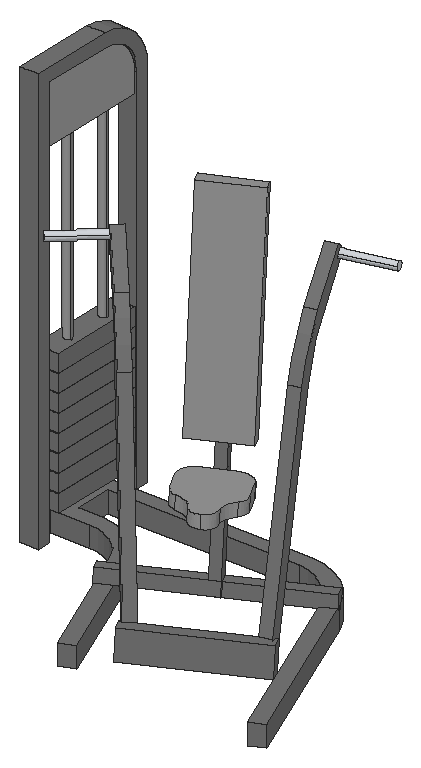
Revit family "Тренажер Жим от груди", category Оборудование, Revit 2017
Family settings
  Размер круглого соединителя = Использовать диаметр
  Тип детали = Нормальный
  На основе рабочей плоскости = Нет
  Всегда вертикально = Да
  При загрузке вырезать с полостями = Нет
  Общий = Нет
  Точка расчета площади = Нет
Parameters (values of type "1450х1040х1630")
  Ширина = 1450.0 mm
  Примечание = ""
  Позиция = ""
  Обозначение = "HS-CP"
  Наименование = "Тренажер Жим от груди"
  Масса = "255"
  Код оборудования = ""
  Keynote = ""
  Изготовитель = "Severin"
  Завод = "LifeFitness"
  Единицы = "шт."
  Model = ""
  Глубина = 1040.0 mm
  Высота = 1630.0 mm
Reference planes
  plane 1 "По центру (Вперед/Назад)": y = 0
  plane 2: z = 0
  plane 3 "По центру (Влево/Вправо)": x = 0
  plane 4: x = -725
  plane 5: x = 725
  plane 6: y = 520
  plane 7: y = -520
  plane 8: z = 1630
  plane 9: z = 0
Forms (mm)
  Sweep 1, solid, material "Сталь, окрашенная, темно-серая, матовая", detail levels coarse+fine
    path origin (0, 0, 0) x (1, 0, 0) y (0, 1, 0)
      loop
        line (631.188, -520) -> (347.985, 180.953)
        arc (347.985, 180.953) -> (247.12, 305.334) -> (96.601, 360) r 299.618
        line (96.601, 360) -> (-695, 360) -> (-695, 100) -> (-546.159, 100)
        arc (-546.159, 100) -> (-447.475, 70.158) -> (-377.393, -5.457) r 196.926
        line (-377.393, -5.457) -> (-169.504, -520)
    profile origin (-620.58, 100, 0) x (0, 1, 0) y (0, 0, 1)
      loop
        line (0, 0) -> (60, 0) -> (60, 80) -> (0, 80) -> (0, 0)
  Sweep 2, solid, material "Сталь, окрашенная, темно-серая, матовая", detail levels coarse+fine
    path origin (0, 0, 0) x (0, 1, 0) y (0, 0, 1)
      loop
        line (520, 0) -> (520, 1430)
        arc (520, 1430) -> (461.421, 1571.421) -> (320, 1630) r 200
        line (320, 1630) -> (0, 1630) -> (0, 0)
    profile origin (0, 520, 715) x (0, -1, 0) y (1, 0, 0)
      loop
        line (0, -730) -> (50, -730) -> (50, -660) -> (0, -660) -> (0, -730)
  Extrusion 3, solid, material "Сталь, хромированная", detail levels fine
    sketch origin (0, 0, 0) x (1, 0, 0) y (0, 1, 0)
      loop
        circle (-690, 345) r 15
      loop
        circle (-690, 175) r 15
    from 80 to 1350
  Extrusion 4, solid, material "Сталь, окрашенная, темно-серая, матовая", detail levels fine
    sketch origin (0, 0, 0) x (1, 0, 0) y (0, 1, 0)
      loop
        line (-735, 440) -> (-735, 80) -> (-645, 80) -> (-645, 440) -> (-735, 440)
    from 160.953 to 94.412
  Extrusion 5, solid, material "Сталь, окрашенная, темно-серая, матовая", detail levels fine
    sketch origin (0, 0, 68.75) x (1, 0, 0) y (0, 1, 0)
      loop
        line (-735, 440) -> (-735, 80) -> (-645, 80) -> (-645, 440) -> (-735, 440)
    from 160.953 to 94.412
  Extrusion 6, solid, material "Сталь, окрашенная, темно-серая, матовая", detail levels fine
    sketch origin (0, 0, 137.5) x (1, 0, 0) y (0, 1, 0)
      loop
        line (-735, 440) -> (-735, 80) -> (-645, 80) -> (-645, 440) -> (-735, 440)
    from 160.953 to 94.412
  Extrusion 7, solid, material "Сталь, окрашенная, темно-серая, матовая", detail levels fine
    sketch origin (0, 0, 206.25) x (1, 0, 0) y (0, 1, 0)
      loop
        line (-735, 440) -> (-735, 80) -> (-645, 80) -> (-645, 440) -> (-735, 440)
    from 160.953 to 94.412
  Extrusion 8, solid, material "Сталь, окрашенная, темно-серая, матовая", detail levels fine
    sketch origin (0, 0, 275) x (1, 0, 0) y (0, 1, 0)
      loop
        line (-735, 440) -> (-735, 80) -> (-645, 80) -> (-645, 440) -> (-735, 440)
    from 160.953 to 94.412
  Extrusion 9, solid, material "Сталь, окрашенная, темно-серая, матовая", detail levels fine
    sketch origin (0, 0, 343.75) x (1, 0, 0) y (0, 1, 0)
      loop
        line (-735, 440) -> (-735, 80) -> (-645, 80) -> (-645, 440) -> (-735, 440)
    from 160.953 to 94.412
  Extrusion 10, solid, material "Сталь, окрашенная, темно-серая, матовая", detail levels fine
    sketch origin (0, 0, 412.5) x (1, 0, 0) y (0, 1, 0)
      loop
        line (-735, 440) -> (-735, 80) -> (-645, 80) -> (-645, 440) -> (-735, 440)
    from 160.953 to 94.412
  Extrusion 11, solid, material "Сталь, окрашенная, темно-серая, матовая", detail levels fine
    sketch origin (0, 0, 481.25) x (1, 0, 0) y (0, 1, 0)
      loop
        line (-735, 440) -> (-735, 80) -> (-645, 80) -> (-645, 440) -> (-735, 440)
    from 160.953 to 94.412
  Extrusion 12, solid, material "Пластмасса, непрозрачная, черная", detail levels coarse+fine
    sketch origin (0.37, 22.27, 0.871) x (0.87462, 0.483629, -0.033819) y (0, 0.069756, 0.997564)
      loop
        line (-112.932, 1477.939) -> (-112.932, 617.939) -> (107.068, 617.939) -> (107.068, 1477.939) -> (-112.932, 1477.939)
    from 47.469 to 92.912
  Extrusion 13, solid, material "Пластмасса, непрозрачная, черная", detail levels coarse+fine
    sketch origin (360.035, -625.61, 37.443) x (-0.87462, -0.483629, 0.033819) y (0.48481, -0.872489, 0.06101)
      loop
        arc (-122.309, -590) -> (-101.806, -639.497) -> (-52.309, -660) r 70
        line (-52.309, -660) -> (52.309, -660)
        arc (52.309, -660) -> (101.806, -639.497) -> (122.309, -590) r 70
        line (122.309, -590) -> (122.309, -500)
        arc (122.309, -500) -> (115.271, -472.674) -> (95.908, -452.147) r 56.569
        arc (95.908, -452.147) -> (64.308, -425.874) -> (47.763, -388.257) r 89.588
        arc (47.763, -388.257) -> (33.774, -354.483) -> (0, -340.493) r 47.763
        arc (0, -340.493) -> (-33.774, -354.483) -> (-47.763, -388.257) r 47.763
        arc (-47.763, -388.257) -> (-64.308, -425.874) -> (-95.908, -452.147) r 89.588
        arc (-95.908, -452.147) -> (-115.271, -472.674) -> (-122.309, -500) r 56.569
        line (-122.309, -500) -> (-122.309, -590)
    from 483.159 to 531.909
  Extrusion 14, solid, material "Сталь, окрашенная, темно-серая, матовая", detail levels coarse+fine
    sketch origin (0.37, 22.27, 0.871) x (-0.48481, 0.872489, -0.06101) y (0, 0.069756, 0.997564)
      loop
        line (-47.469, 1212.939) -> (-47.469, 80) -> (0, 80) -> (0, 1212.939) -> (-47.469, 1212.939)
    from -18.575 to 20
  Sweep 15, solid, material "Сталь, окрашенная, темно-серая, матовая", detail levels coarse+fine
    path origin (850.457, -907.595, 317.216) x (-0.655579, 0.703022, -0.275637) y (-0.187984, 0.201588, 0.961262)
      loop
        line (1020, 0) -> (1020, 867.753)
        arc (1020, 867.753) -> (1034.942, 980.686) -> (1074.991, 1087.33) r 501.4
        line (1074.991, 1087.33) -> (1184.812, 1270.103)
    profile origin (100.205, -103.047, 453.134) x (0.655579, -0.703022, 0.275637) y (0.731354, 0.681998, 0)
      loop
        line (-22.5, -290.139) -> (22.5, -290.139) -> (22.5, -245.139) -> (-22.5, -245.139) -> (-22.5, -290.139)
  Sweep 16, solid, material "Сталь, окрашенная, темно-серая, матовая", detail levels coarse+fine
    path origin (343.175, -1188.786, 317.216) x (-0.248793, 0.928507, -0.275637) y (0.07134, -0.266245, -0.961262)
      loop
        line (1020, 0) -> (1020, -867.753)
        arc (1020, -867.753) -> (1034.942, -980.686) -> (1074.991, -1087.33) r 501.4
        line (1074.991, -1087.33) -> (1184.812, -1270.103)
    profile origin (58.453, -126.191, 453.134) x (-0.248793, 0.928507, -0.275637) y (-0.965926, -0.258819, 0)
      loop
        line (22.5, -290.139) -> (22.5, -245.139) -> (-22.5, -245.139) -> (-22.5, -290.139) -> (22.5, -290.139)
  Extrusion 17, solid, detail levels coarse+fine
    sketch origin (-511.687, 127.701, 708.01) x (0.652148, -0.699343, 0.292612) y (-0.199561, 0.214003, 0.956231)
      loop
        circle (343.737, 405.205) r 15
    from 0 to 195.561
  Extrusion 18, solid, detail levels coarse+fine
    sketch origin (187.021, 515.002, 708.01) x (0.247491, -0.923649, 0.292612) y (0.075734, -0.282641, -0.956231)
      loop
        circle (343.737, -405.205) r 15
    from 0 to 195.561
  Extrusion 19, solid, material "Сталь, окрашенная, темно-серая, матовая", detail levels coarse+fine
    sketch origin (17.862, 31.943, 0.195) x (-0.48481, 0.872489, -0.06101) y (0, 0.069756, 0.997564)
      loop
        line (-47.469, 80) -> (0, 80) -> (0, 132.655) -> (-47.469, 132.655) -> (-47.469, 80)
    from -388.072 to 356.267
  Extrusion 20, solid, material "Сталь, окрашенная, темно-серая, матовая", detail levels coarse+fine
    sketch origin (182.698, -264.704, 20.938) x (-0.48481, 0.872489, -0.06101) y (0, 0.069756, 0.997564)
      loop
        line (-47.469, -2.827) -> (0, -2.827) -> (0, 110.465) -> (-47.469, 110.465) -> (-47.469, -2.827)
    from -262.451 to 222.939
  Extrusion 21, solid, material "Пластмасса, непрозрачная, черная", detail levels fine
    sketch origin (0, 0, 0) x (0, 1, 0) y (0, 0, 1)
      loop
        line (470, 1350) -> (470, 1430)
        arc (470, 1430) -> (426.066, 1536.066) -> (320, 1580) r 150
        line (320, 1580) -> (50, 1580) -> (50, 1350) -> (470, 1350)
    from -707.751 to -670.262
Lines and regions (mm)
  symbolic lines, detail levels medium
    curve 1: line (725, -520, 0) -> (-725, -520, 0)
    curve 2: line (725, 520, 0) -> (725, -520, 0)
    curve 3: line (-725, 520, 0) -> (725, 520, 0)
    curve 4: line (-725, -520, 0) -> (-725, 520, 0)
    curve 5: line (-13.163, -520, 0) -> (0, -416.201, 0)
    curve 6: line (13.163, -520, 0) -> (0, -416.201, 0)
Dimensions and locks
  equal spacing: plane 4, plane 3 "По центру (Влево/Вправо)", plane 5
  "Ширина": plane 4 to plane 5
  equal spacing: plane 6, plane 1 "По центру (Вперед/Назад)", plane 7
  "Глубина": plane 6 to plane 7
  "Высота": plane 8 to plane 2
  aligned and locked: level to plane 2
Automatic sketch dimensions
  curve 1 to plane 4 = 0.0 mm
  curve 5 to plane 7 = 0.0 mm
  curve 5 to plane 3 "По центру (Влево/Вправо)" = 0.0 mm
  curve 2 to plane 5 = 0.0 mm
  curve 3 to plane 6 = 0.0 mm
  plane 7 to curve 5 = 103.799 mm
  curve 5 to plane 3 "По центру (Влево/Вправо)" = 13.163 mm
  plane 3 "По центру (Влево/Вправо)" to curve 6 = 13.163 mm
  Sweep 1 sketch curve to plane 7 = 0.0 mm  (x2)
  plane 4 to Sweep 1 sketch curve = 30.0 mm
  plane 4 to Sweep 1 sketch curve = 173.17 mm
  Sweep 1 sketch curve to Sweep 1 sketch curve = 148.841 mm
  plane 1 "По центру (Вперед/Назад)" to Sweep 1 sketch curve = 5.457 mm
  Sweep 1 sketch curve to Sweep 1 sketch curve = 174.437 mm
  plane 3 "По центру (Влево/Вправо)" to Sweep 1 sketch curve = 73.301 mm
  plane 3 "По центру (Влево/Вправо)" to Sweep 1 sketch curve = 96.601 mm
  Sweep 1 sketch curve to plane 1 "По центру (Вперед/Назад)" = 180.953 mm
  Sweep 1 sketch curve to Sweep 1 sketch curve = 274.684 mm
  plane 1 "По центру (Вперед/Назад)" to Sweep 1 sketch curve = 96.845 mm
  Sweep 1 sketch curve to plane 1 "По центру (Вперед/Назад)" = 61.29 mm
  Sweep 1 sketch curve to plane 3 "По центру (Влево/Вправо)" = 169.504 mm
  Sweep 1 sketch curve to plane 5 = 93.812 mm
  Sweep 1 sketch curve to profile plane = 0.0 mm
  Sweep 1 sketch curve to level = 0.0 mm
  Sweep 1 sketch curve to Sweep 1 sketch curve = 60.0 mm
  level to Sweep 1 sketch curve = 80.0 mm
  Sweep 2 sketch curve to level = 0.0 mm  (x2)
  Sweep 2 sketch curve to plane 1 "По центру (Вперед/Назад)" = 0.0 mm
  Sweep 2 sketch curve to plane 8 = 0.0 mm
  Sweep 2 sketch curve to plane 6 = 0.0 mm
  Sweep 2 sketch curve to plane 6 = 200.0 mm
  Sweep 2 sketch curve to profile plane = 0.0 mm
  Sweep 2 sketch curve to Sweep 2 sketch curve = 50.0 mm
  Sweep 2 sketch curve to plane 3 "По центру (Влево/Вправо)" = 730.0 mm
  Sweep 2 sketch curve to Sweep 2 sketch curve = 70.0 mm
  plane 4 to Extrusion 3 sketch curve = 35.0 mm  (x2)
  Extrusion 3 sketch curve to plane 1 "По центру (Вперед/Назад)" = 175.0 mm
  Extrusion 3 sketch curve to Extrusion 3 sketch curve = 170.0 mm
  Extrusion 4 sketch curve to plane 4 = 10.0 mm
  plane 4 to Extrusion 4 sketch curve = 80.0 mm
  Extrusion 4 sketch curve to plane 1 "По центру (Вперед/Назад)" = 80.0 mm
  Extrusion 4 sketch curve to plane 6 = 80.0 mm
  Extrusion 5 sketch curve to plane 4 = 10.0 mm
  plane 4 to Extrusion 5 sketch curve = 80.0 mm
  Extrusion 5 sketch curve to plane 1 "По центру (Вперед/Назад)" = 80.0 mm
  Extrusion 5 sketch curve to plane 6 = 80.0 mm
  Extrusion 6 sketch curve to plane 4 = 10.0 mm
  plane 4 to Extrusion 6 sketch curve = 80.0 mm
  Extrusion 6 sketch curve to plane 1 "По центру (Вперед/Назад)" = 80.0 mm
  Extrusion 6 sketch curve to plane 6 = 80.0 mm
  Extrusion 7 sketch curve to plane 4 = 10.0 mm
  plane 4 to Extrusion 7 sketch curve = 80.0 mm
  Extrusion 7 sketch curve to plane 1 "По центру (Вперед/Назад)" = 80.0 mm
  Extrusion 7 sketch curve to plane 6 = 80.0 mm
  Extrusion 8 sketch curve to plane 4 = 10.0 mm
  plane 4 to Extrusion 8 sketch curve = 80.0 mm
  Extrusion 8 sketch curve to plane 1 "По центру (Вперед/Назад)" = 80.0 mm
  Extrusion 8 sketch curve to plane 6 = 80.0 mm
  Extrusion 9 sketch curve to plane 4 = 10.0 mm
  plane 4 to Extrusion 9 sketch curve = 80.0 mm
  Extrusion 9 sketch curve to plane 1 "По центру (Вперед/Назад)" = 80.0 mm
  Extrusion 9 sketch curve to plane 6 = 80.0 mm
  Extrusion 10 sketch curve to plane 4 = 10.0 mm
  plane 4 to Extrusion 10 sketch curve = 80.0 mm
  Extrusion 10 sketch curve to plane 1 "По центру (Вперед/Назад)" = 80.0 mm
  Extrusion 10 sketch curve to plane 6 = 80.0 mm
  Extrusion 11 sketch curve to plane 4 = 10.0 mm
  plane 4 to Extrusion 11 sketch curve = 80.0 mm
  Extrusion 11 sketch curve to plane 1 "По центру (Вперед/Назад)" = 80.0 mm
  Extrusion 11 sketch curve to plane 6 = 80.0 mm
  Extrusion 12 sketch curve to Extrusion 12 sketch curve = 220.0 mm
  Extrusion 12 sketch curve to Extrusion 12 sketch curve = 860.0 mm
  Extrusion 13 sketch curve to Extrusion 13 sketch curve = 0.0 mm  (x2)
  plane 3 "По центру (Влево/Вправо)" to Extrusion 13 sketch curve = 298.529 mm
  Extrusion 13 sketch curve to Extrusion 13 sketch curve = 13.548 mm  (x2)
  Extrusion 13 sketch curve to Extrusion 13 sketch curve = 56.569 mm
  Extrusion 13 sketch curve to Extrusion 13 sketch curve = 70.0 mm  (x2)
  Extrusion 13 sketch curve to Extrusion 13 sketch curve = 65.74 mm
  Extrusion 13 sketch curve to Extrusion 13 sketch curve = 104.617 mm
  Extrusion 13 sketch curve to Extrusion 13 sketch curve = 13.431 mm
  Extrusion 13 sketch curve to Extrusion 13 sketch curve = 16.298 mm  (x2)
  Extrusion 13 sketch curve to Extrusion 13 sketch curve = 111.743 mm
  Extrusion 13 sketch curve to Extrusion 13 sketch curve = 128.041 mm
  Extrusion 13 sketch curve to Extrusion 13 sketch curve = 90.0 mm
  Extrusion 13 sketch curve to Extrusion 13 sketch curve = 26.4 mm
  Extrusion 14 sketch curve to Extrusion 14 sketch curve = 47.469 mm
  Extrusion 14 sketch curve to Extrusion 14 sketch curve = 1132.939 mm
  Sweep 15 sketch curve to plane 8 = 759.797 mm
  Sweep 15 sketch curve to Sweep 15 sketch curve = 54.991 mm
  Sweep 15 sketch curve to Sweep 15 sketch curve = 446.33 mm
  Sweep 15 sketch curve to Sweep 15 sketch curve = 8.877 mm
  Sweep 15 sketch curve to Sweep 15 sketch curve = 109.821 mm
  Sweep 15 sketch curve to Sweep 15 sketch curve = 867.753 mm
  Sweep 15 sketch curve to Sweep 15 sketch curve = 182.773 mm
  profile plane to Sweep 15 sketch curve = 22.5 mm
  Sweep 15 sketch curve to profile plane = 22.5 mm
  Sweep 15 sketch curve to profile plane = 290.139 mm
  Sweep 15 sketch curve to Sweep 15 sketch curve = 45.0 mm
  Sweep 16 sketch curve to plane 8 = 759.797 mm
  Sweep 16 sketch curve to Sweep 16 sketch curve = 54.991 mm
  Sweep 16 sketch curve to Sweep 16 sketch curve = 501.321 mm
  Sweep 16 sketch curve to Sweep 16 sketch curve = 219.577 mm
  Sweep 16 sketch curve to Sweep 16 sketch curve = 109.821 mm
  Sweep 16 sketch curve to Sweep 16 sketch curve = 182.773 mm
  Sweep 16 sketch curve to Sweep 16 sketch curve = 867.753 mm
  profile plane to Sweep 16 sketch curve = 22.5 mm
  Sweep 16 sketch curve to profile plane = 22.5 mm
  Sweep 16 sketch curve to profile plane = 290.139 mm
  Sweep 16 sketch curve to Sweep 16 sketch curve = 45.0 mm
  Extrusion 17 sketch curve to Sweep 15 = 20.031 mm
  Extrusion 17 sketch curve to Sweep 15 = 20.048 mm
  Extrusion 18 sketch curve to plane 8 = 433.939 mm
  Extrusion 19 sketch curve to Extrusion 14 = 0.0 mm  (x3)
  Extrusion 19 sketch curve to Extrusion 19 sketch curve = 52.655 mm
  Extrusion 14 to Extrusion 20 sketch curve = 82.827 mm
  Extrusion 20 sketch curve to Extrusion 14 = 30.465 mm
  Extrusion 14 to Extrusion 20 sketch curve = 340.0 mm
  Extrusion 20 sketch curve to Extrusion 20 sketch curve = 47.469 mm
  Extrusion 21 sketch curve to Extrusion 21 sketch curve = 150.0 mm
  Extrusion 21 sketch curve to Extrusion 21 sketch curve = 80.0 mm
  Extrusion 21 sketch curve to plane 8 = 50.0 mm
  Extrusion 21 sketch curve to plane 1 "По центру (Вперед/Назад)" = 50.0 mm
  Extrusion 21 sketch curve to plane 6 = 50.0 mm
  radius of Extrusion 3 sketch curve = 15.0 mm  (x2)
  radius of Extrusion 17 sketch curve = 15.0 mm
  radius of Extrusion 18 sketch curve = 15.0 mm
